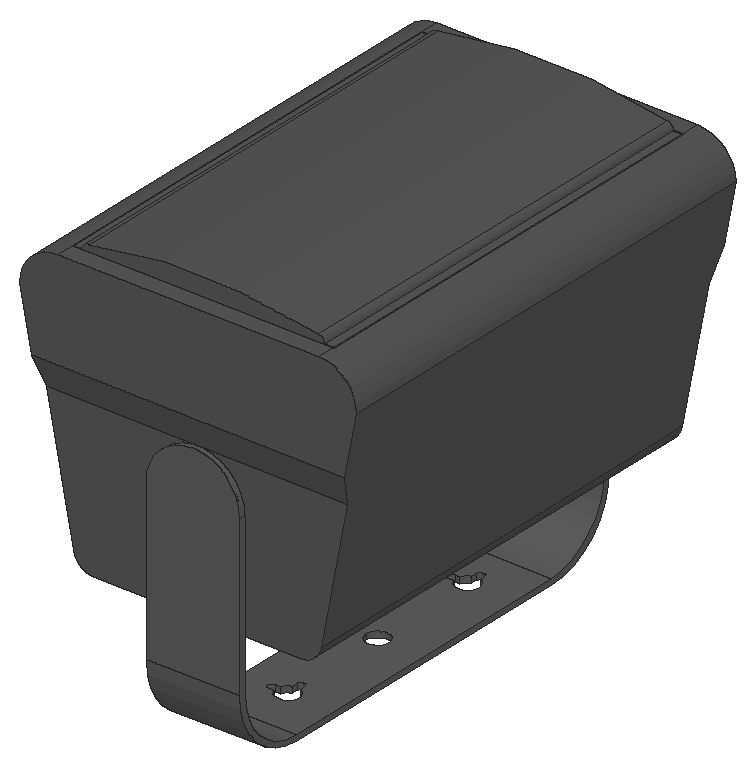
Revit family "Electronics_Commercial-Loudspeakers_Biamp_Passive-Loudspeaker_SDQ5PIR", category Communication Devices, host Face, Revit 2020
Family settings
  Host = Face
  Maintain Annotation Orientation = No
  Round Connector Dimension = Use Diameter
  Part Type = Normal
  OmniClass Number = 23.85.10.11.14.14.14
  Cut with Voids When Loaded = No
  Shared = No
  Room Calculation Point = No
Parameters (values of type "SDQ5PIR B")
  Woofer size in inch = "5.25"  # constant formula
  Woofer cone material = "Polypropylene\r"  # constant formula
  Width = 7.08661"  # constant formula
  Weight = 12.35 lbf  # constant formula
  Vertical dispersion angle 1000 Hz = "180°\r"  # constant formula
  URL = "https://www.biamp.com/"
  Tweeter size in inch = "1"  # constant formula
  SPL 1W/1m in dB = "86"  # constant formula
  Rotate angle (0°) - (-90.00°) [instance] = if(Rotate angle < -90.00°, -90.00°, if(Rotate angle > 0.00°, 0.00°, Rotate angle))  # 0.00°
  Rotate angle (0°) - (90.00°) [instance] = if(Rotate angle < 0.00°, 0.00°, if(Rotate angle > 90.00°, 90.00°, Rotate angle))  # 0.00°
  Rotate angle [instance] = 0.00°
  Product data url = "https://bimobject.com/biamp/product/sdq5pir_commercial-loudspeakers-surface-mount"
  Product Page URL = "https://www.biamp.com/products/product-families/commercial-loudspeakers/surface-mount#sdq5pir"
  Product Documentation Link = "https://downloads.biamp.com/assets/docs/default-source/data-sheets/biamp_data_sheet_sdq5pir_aug20.pdf"
  Nom Rotate angle [instance] = if(Rotate angle > 0.00°, [Rotate angle (0°) - (90.00°)], [Rotate angle (0°) - (-90.00°)])  # 0.00°
  Mounting system = "U-bracket"  # constant formula
  Mounting Material = Biamp - Metal - Black
  Model = "SDQ5PIR B"
  Max SPL 1m in dB = "101"  # constant formula
  Manufacturer = "Biamp"  # constant formula
  Low impedance dynamic power in watts = "2 x 30"  # constant formula
  Low impedance RMS power in watts = "2 x 15"  # constant formula
  Loudspeaker system = "2-way"  # constant formula
  Housing Material = Biamp - Plastic - Black
  Horizontal dispersion angle 1000 Hz = "180°\r"  # constant formula
  Height = 9.96063"  # constant formula
  Grill Material = Biamp - Plastic - Black(Grid)
  Frequency response in Hz = "45-20k"  # constant formula
  Description = "SDQ5PIR-BL Design Loudspeaker Set 5,\" 2 x 30 Watts with RC, Black"
  Depth = 6.37795"  # constant formula
  Default Elevation = 0.00"  # constant formula
  Connector Description = "Euroblock 2 pole; Speaker input"  # constant formula
Types (3): name | Mounting Material | Model | Housing Material | Grill Material | Description
  (no name) | Biamp - Metal - Black | "SDQ5PIR B" | Biamp - Plastic - Black | Biamp - Plastic - Black(Grid) | "SDQ5PIR-BL Design Loudspeaker Set 5,\" 2 x 30 Watts with RC, Black"
  SDQ5PIR B | Biamp - Metal - Black | "SDQ5PIR B" | Biamp - Plastic - Black | Biamp - Plastic - Black(Grid) | "SDQ5PIR-BL Design Loudspeaker Set 5,\" 2 x 30 Watts with RC, Black"
  SDQ5PIR W | Biamp - Metal - White | "SDQ5PIR W" | Biamp - Plastic - White | Biamp - Plastic - White(Grid) | "SDQ5PIR-BL Design Loudspeaker Set 5,\" 2 x 30 Watts with RC, White"
Reference planes (in)
  plane 1 "Center (Front/Back)": y = 0
  plane 2: z = 0
  plane 3 "Center (Left/Right)": x = 0
Dimensions and locks (in)
  aligned and locked: plane 2 to host face
  aligned and locked: level to host face
  aligned and locked: plane 3 "Center (Left/Right)" to nested 1
  aligned and locked: plane 1 "Center (Front/Back)" to nested 1
Nested families (in)
  nested 1: "U-Bracket" at (0, 0, 0), Housing Material <- "Mounting Material", type "U-Bracket"
    with Housing Material Biamp - Metal - Black
  nested 2: "SDQ5PIR_Angled_pas" at (0, -4.74104, 4.85651) x (1, 0, 0) z (0, 1, 0), Angle of equipment <- "Nom Rotate angle", Grill Material <- "Grill Material", Housing Material <- "Housing Material", type "SDQ5PIR_Angled_pas"
    with Housing Material Biamp - Plastic - Black, Grill Material Biamp - Plastic - Black(Grid), Angle of equipment 0.00°
Connectors (in)
  electrical at (-0.3937, -0.3937, 2.59148), driven by "Connector Description"
    settings: on nested 2, index 2, voltage 0 V, apparent load 0 VA, apparent load phase1 0 VA, apparent load phase2 0 VA, apparent load phase3 0 VA, power factor 1, load classification "Other", number of poles 1, system type 5, power factor state 1, is connector primary yes, connector utility no, sub classification motor no, connector description "Euroblock 2 pole; Speaker input"
Definition of nested family "U-Bracket"
  Parameters (values of type "U-Bracket")
    Housing Material [instance] = none
    Height = 0.00"
    Default Elevation = 0.00"  # constant formula
  Reference planes (in)
    plane 1 "Center (Front/Back)": y = 0
    plane 2: z = 0
    plane 3 "Center (Left/Right)": x = 0
  Forms (in)
    Extrusion 1, solid
      sketch origin (0, 0, 0) x (1, 0, 0) y (0, 1, 0)
        loop
          line (-48, 48) -> (-48, -48) -> (48, -48) -> (48, 48) -> (-48, 48)
      from 0 to -12
    Extrusion 2, solid, material <- "Housing Material"
      sketch origin (0, -8.48975, 21.90793) x (0, 0, -1) y (0, 1, 0)
        loop
          line (16.06717, 13.23079) -> (20.39788, 13.23079)
          arc (20.39788, 13.23079) -> (21.38213, 12.8231) -> (21.78982, 11.83884) r 1.39194
          line (21.78982, 11.83884) -> (21.78982, 5.14066)
          arc (21.78982, 5.14066) -> (21.38213, 4.15641) -> (20.39788, 3.74872) r 1.39194
          line (20.39788, 3.74872) -> (16.06717, 3.74872) -> (16.06717, 3.63061) -> (20.39788, 3.63061)
          arc (20.39788, 3.63061) -> (21.46564, 4.07289) -> (21.90793, 5.14066) r 1.51005
          line (21.90793, 5.14066) -> (21.90793, 11.83884)
          arc (21.90793, 11.83884) -> (21.46564, 12.90661) -> (20.39788, 13.3489) r 1.51005
          line (20.39788, 13.3489) -> (16.06717, 13.3489) -> (16.06717, 13.23079)
      from -0.98425 to 0.98425
    Extrusion 3, void
      sketch origin (0, 0, 0) x (1, 0, 0) y (0, 0, 1)
        loop
          arc (-0.98425, 4.85651) -> (0, 5.84076) -> (0.98425, 4.85651) r 0.98425
          line (0.98425, 4.85651) -> (0.98425, 6.03761) -> (-0.98425, 6.03761) -> (-0.98425, 4.85651)
      from 4.74104 to 4.85915
    Extrusion 4, void
      sketch origin (0, 0, 0) x (1, 0, 0) y (0, 0, -1)
        loop
          line (-0.98425, -4.85651) -> (-0.98425, -6.03761) -> (0.98425, -6.03761) -> (0.98425, -4.85651)
          arc (0.98425, -4.85651) -> (0, -5.84076) -> (-0.98425, -4.85651) r 0.98425
      from 4.74104 to 4.85915
    Extrusion 5, void
      sketch origin (0, 0, 0) x (1, 0, 0) y (0, 1, 0)
        loop
          circle (0, 0) r 0.24606
        loop
          arc (-0.08661, 2.59252) -> (-0.17399, 2.5362) -> (-0.23031, 2.44882) r 0.24606
          line (-0.23031, 2.44882) -> (-0.33713, 2.44882)
          arc (-0.33713, 2.44882) -> (-0.42375, 2.3622) -> (-0.33713, 2.27559) r 0.08661
          line (-0.33713, 2.27559) -> (-0.23031, 2.27559)
          arc (-0.23031, 2.27559) -> (0.17399, 2.18821) -> (0.08661, 2.59252) r 0.24606
          line (0.08661, 2.59252) -> (0.08661, 2.69934)
          arc (0.08661, 2.69934) -> (0, 2.78595) -> (-0.08661, 2.69934) r 0.08661
          line (-0.08661, 2.69934) -> (-0.08661, 2.59252)
        loop
          arc (-0.08661, -2.13189) -> (-0.17399, -2.18821) -> (-0.23031, -2.27559) r 0.24606
          line (-0.23031, -2.27559) -> (-0.33713, -2.27559)
          arc (-0.33713, -2.27559) -> (-0.42375, -2.3622) -> (-0.33713, -2.44882) r 0.08661
          line (-0.33713, -2.44882) -> (-0.23031, -2.44882)
          arc (-0.23031, -2.44882) -> (0.17399, -2.5362) -> (0.08661, -2.13189) r 0.24606
          line (0.08661, -2.13189) -> (0.08661, -2.02507)
          arc (0.08661, -2.02507) -> (0, -1.93846) -> (-0.08661, -2.02507) r 0.08661
          line (-0.08661, -2.02507) -> (-0.08661, -2.13189)
      from 0 to 0.11811
  Cuts and joins
    Extrusion 3, Extrusion 4, Extrusion 5 cuts Extrusion 2
  Lines and regions (in)
    Masking region 1
      outline origin (0, 0, 0) x (1, 0, 0) y (0, 1, 0)
        loop
          line (0.98425, 4.85915) -> (-0.98425, 4.85915) -> (-0.98425, -4.85915) -> (0.98425, -4.85915) -> (0.98425, 4.85915)
        loop
          line (0.08661, 2.59252) -> (0.08661, 2.69934)
          arc (0.08661, 2.69934) -> (0, 2.78595) -> (-0.08661, 2.69934) r 0.08661
          line (-0.08661, 2.69934) -> (-0.08661, 2.59252)
          arc (-0.08661, 2.59252) -> (-0.17399, 2.5362) -> (-0.23031, 2.44882) r 0.24606
          line (-0.23031, 2.44882) -> (-0.33713, 2.44882)
          arc (-0.33713, 2.44882) -> (-0.42375, 2.3622) -> (-0.33713, 2.27559) r 0.08661
          line (-0.33713, 2.27559) -> (-0.23031, 2.27559)
          arc (-0.23031, 2.27559) -> (0.17399, 2.18821) -> (0.08661, 2.59252) r 0.24606
        loop
          circle (0, 0) r 0.24606
        loop
          line (0.08661, -2.13189) -> (0.08661, -2.02507)
          arc (0.08661, -2.02507) -> (0, -1.93846) -> (-0.08661, -2.02507) r 0.08661
          line (-0.08661, -2.02507) -> (-0.08661, -2.13189)
          arc (-0.08661, -2.13189) -> (-0.17399, -2.18821) -> (-0.23031, -2.27559) r 0.24606
          line (-0.23031, -2.27559) -> (-0.33713, -2.27559)
          arc (-0.33713, -2.27559) -> (-0.42375, -2.3622) -> (-0.33713, -2.44882) r 0.08661
          line (-0.33713, -2.44882) -> (-0.23031, -2.44882)
          arc (-0.23031, -2.44882) -> (0.17399, -2.5362) -> (0.08661, -2.13189) r 0.24606
    Masking region 2
      outline origin (0, 0, 0) x (1, 0, 0) y (0, 0, 1)
        loop
          arc (0, 5.84076) -> (-0.69597, 5.55248) -> (-0.98425, 4.85651) r 0.98425
          line (-0.98425, 4.85651) -> (-0.98425, 0) -> (0.98425, 0) -> (0.98425, 4.85651)
          arc (0.98425, 4.85651) -> (0.69597, 5.55248) -> (0, 5.84076) r 0.98425
    Masking region 3
      outline origin (0, 0, 0) x (0, 1, 0) y (0, 0, 1)
        loop
          line (-4.74104, 1.51005) -> (-4.74104, 5.84076) -> (-4.85915, 5.84076) -> (-4.85915, 1.51005)
          arc (-4.85915, 1.51005) -> (-4.41686, 0.44228) -> (-3.34909, 0) r 1.51005
          line (-3.34909, 0) -> (3.34909, 0)
          arc (3.34909, 0) -> (4.41686, 0.44228) -> (4.85915, 1.51005) r 1.51005
          line (4.85915, 1.51005) -> (4.85915, 5.84076) -> (4.74104, 5.84076) -> (4.74104, 1.51005)
          arc (4.74104, 1.51005) -> (4.33335, 0.5258) -> (3.34909, 0.11811) r 1.39194
          line (3.34909, 0.11811) -> (-3.34909, 0.11811)
          arc (-3.34909, 0.11811) -> (-4.33335, 0.5258) -> (-4.74104, 1.51005) r 1.39194
    symbolic lines
      curve 1: line (-0.98425, 4.74104, 0) -> (0.98425, 4.74104, 0)
      curve 2: line (-0.98425, -4.74104, 0) -> (0.98425, -4.74104, 0)
  Dimensions and locks (in)
    aligned and locked: plane 2 to Extrusion 1
    aligned and locked: level to Extrusion 1
Definition of nested family "SDQ5PIR_Angled_pas"
  Parameters (values of type "SDQ5PIR_Angled_pas")
    Housing Material [instance] = none
    Grill Material [instance] = none
    Default Elevation = 0.00"
    Angle of equipment [instance] = 0.00°
  Reference planes (in)
    plane 1 "Center (Front/Back)": y = 0
    plane 2: z = 0
    plane 3 "Center (Left/Right)": x = 0
  Forms (in)
    Extrusion 1, solid
      sketch origin (0, 0, 0) x (1, 0, 0) y (0, 1, 0)
        loop
          line (-48, 48) -> (-48, -48) -> (48, -48) -> (48, 48) -> (-48, 48)
      from 0 to -12
  Lines and regions (in)
    reference lines
      curve 1: line (0, -8.46947, 0) -> (0, 0, 0)
      curve 2: line (0, -11.5, 0) -> (0, 0, 0)
  Dimensions and locks (in)
    "Angle of equipment": angle curve 1 to curve 2
    aligned and locked: plane 2 to Extrusion 1
    aligned and locked: level to Extrusion 1
    aligned and locked: plane 1 "Center (Front/Back)" to curve 1
    aligned and locked: plane 3 "Center (Left/Right)" to curve 1
    aligned and locked: plane 1 "Center (Front/Back)" to curve 2
    aligned and locked: plane 3 "Center (Left/Right)" to curve 2
    aligned and locked: curve 2 to nested 1
  Automatic sketch dimensions
    Extrusion 1 sketch curve to Extrusion 1 sketch curve = 96.00"  (x2)
    plane 1 "Center (Front/Back)" to curve 1 = 8.46947"
  Nested families (in)
    nested 1: "SDQ5PIR_pas" at (0, 0.46325, 0), Grill Material <- "Grill Material", Housing Material <- "Housing Material", type "SDQ5PIR_pas"
      with Housing Material none, Grill Material none
  Definition of nested family "SDQ5PIR_pas"
    Parameters (values of type "SDQ5PIR_pas")
      Housing Material [instance] = none
      Grill Material [instance] = none
      Default Elevation = 0.00"  # constant formula
    Reference planes (in)
      plane 1 "Center (Front/Back)": y = 0
      plane 2: z = 0
      plane 3 "Center (Left/Right)": x = 0
    Forms (in)
      Extrusion 1, solid
        sketch origin (0, 0, 0) x (1, 0, 0) y (0, 1, 0)
          loop
            line (-48, 48) -> (-48, -48) -> (48, -48) -> (48, 48) -> (-48, 48)
        from 0 to -12
      Extrusion 2, solid, material <- "Housing Material", detail levels medium+fine
        sketch origin (0, 1.80178, 4.74104) x (0, -1, 0) y (1, 0, 0)
          loop
            arc (5.18701, -3.54331) -> (5.75074, -3.3098) -> (5.98425, -2.74606) r 0.79724
            line (5.98425, -2.74606) -> (5.98425, 2.74606)
            arc (5.98425, 2.74606) -> (5.75074, 3.3098) -> (5.18701, 3.54331) r 0.79724
            line (5.18701, 3.54331) -> (0.35429, 2.61401)
            arc (0.35429, 2.61401) -> (0.10215, 2.46583) -> (0, 2.19179) r 0.43682
            line (0, 2.19179) -> (0, -2.19179)
            arc (0, -2.19179) -> (0.10215, -2.46583) -> (0.35429, -2.61401) r 0.43682
            line (0.35429, -2.61401) -> (5.18701, -3.54331)
        from -4.98031 to 4.98031
      Extrusion 3, solid, material <- "Grill Material", detail levels medium+fine
        sketch origin (0, 1.80178, 4.74104) x (0, -1, 0) y (1, 0, 0)
          loop
            line (5.98425, -2.74606) -> (5.98425, -2.54921)
            arc (5.98425, -2.54921) -> (6.08268, -2.50844) -> (6.12345, -2.41002) r 0.13919
            arc (6.12345, -2.41002) -> (6.37795, 0) -> (6.12345, 2.41002) r 11.53794
            arc (6.12345, 2.41002) -> (6.08268, 2.50844) -> (5.98425, 2.54921) r 0.13919
            line (5.98425, 2.54921) -> (5.98425, 2.74606) -> (5.59055, 2.74606) -> (5.59055, -2.74606) -> (5.98425, -2.74606)
        from -4.58661 to 4.58661
      Extrusion 4, void
        sketch origin (0, 1.80178, 4.74104) x (0, -1, 0) y (1, 0, 0)
          loop
            line (5.98425, -2.74606) -> (5.98425, 2.74606) -> (5.59055, 2.74606) -> (5.59055, -2.74606) -> (5.98425, -2.74606)
        from -4.58661 to 4.58661
      Extrusion 5, void
        sketch origin (0, 1.80178, 4.74104) x (1, 0, 0) y (0, 0, 1)
          loop
            line (-1.76181, 4.19291) -> (-1.76181, 3.60236) -> (-0.18701, 3.60236) -> (-0.18701, 4.19291) -> (-1.76181, 4.19291)
          loop
            line (1.76181, 4.19291) -> (0.18701, 4.19291) -> (0.18701, 3.60236) -> (1.76181, 3.60236) -> (1.76181, 4.19291)
          loop
            line (1.76181, 3.40551) -> (1.17126, 3.40551) -> (1.17126, -4.19291) -> (1.76181, -4.19291) -> (1.76181, 3.40551)
          loop
            line (-1.76181, -4.19291) -> (0.77756, -4.19291) -> (0.77756, 3.40551) -> (-1.76181, 3.40551) -> (-1.76181, -4.19291)
          loop
            line (1.01378, 3.40551) -> (0.93504, 3.40551) -> (0.93504, -4.19291) -> (1.01378, -4.19291) -> (1.01378, 3.40551)
          loop
            line (1.13189, 3.40551) -> (1.05315, 3.40551) -> (1.05315, -4.19291) -> (1.13189, -4.19291) -> (1.13189, 3.40551)
          loop
            line (0.81693, 3.40551) -> (0.81693, -4.19291) -> (0.89567, -4.19291) -> (0.89567, 3.40551) -> (0.81693, 3.40551)
        from 0 to 0.19685
      Extrusion 6, solid, detail levels medium+fine
        sketch origin (0.7306, 1.80178, 8.43045) x (1, 0, 0) y (0, 0, 1)
          loop
            line (-0.7306, -3.84689) -> (-1.518, -3.84689) -> (-1.518, -4.31933) -> (-0.7306, -4.31933) -> (-0.7306, -3.84689)
          loop
            line (-0.92745, -3.92563) -> (-0.92745, -4.04374) -> (-0.80934, -4.04374) -> (-0.80934, -3.92563) -> (-0.92745, -3.92563)
          loop
            line (-0.92745, -4.12248) -> (-0.92745, -4.24059) -> (-0.80934, -4.24059) -> (-0.80934, -4.12248) -> (-0.92745, -4.12248)
        from 0 to 0.19685
      Extrusion 7, void
        sketch origin (0, 1.80178, 4.74104) x (0, 0, 1) y (0, -1, 0)
          loop
            line (4.98031, 3.90669) -> (4.74104, 3.24928) -> (4.74104, 0) -> (4.98031, 0) -> (4.98031, 3.90669)
          loop
            line (-4.98031, 3.90669) -> (-4.98031, 0) -> (-4.74104, 0) -> (-4.74104, 3.24928) -> (-4.98031, 3.90669)
        from -4.57046 to 3.64656
      Extrusion 8, solid, material <- "Housing Material", detail levels coarse
        sketch origin (0, 0, 0) x (1, 0, 0) y (0, 1, 0)
          loop
            line (-3.1707, -1.4475) -> (-3.54331, -3.38522)
            arc (-3.54331, -3.38522) -> (-3.3098, -3.94896) -> (-2.74606, -4.18247) r 0.79724
            line (-2.74606, -4.18247) -> (-2.54921, -4.18247)
            arc (-2.54921, -4.18247) -> (-2.50844, -4.28089) -> (-2.41002, -4.32166) r 0.13919
            arc (-2.41002, -4.32166) -> (0, -4.57617) -> (2.41002, -4.32166) r 11.53794
            arc (2.41002, -4.32166) -> (2.50844, -4.28089) -> (2.54921, -4.18247) r 0.13919
            line (2.54921, -4.18247) -> (2.74606, -4.18247)
            arc (2.74606, -4.18247) -> (3.3098, -3.94896) -> (3.54331, -3.38522) r 0.79724
            line (3.54331, -3.38522) -> (3.1707, -1.4475) -> (-3.1707, -1.4475)
        from -0.23928 to 9.72135
      Extrusion 9, solid, material <- "Housing Material", detail levels coarse
        sketch origin (0, 0, 0) x (1, 0, 0) y (0, 1, 0)
          loop
            line (-2.61401, 1.4475) -> (-3.1707, -1.4475) -> (3.1707, -1.4475) -> (2.61401, 1.4475)
            arc (2.61401, 1.4475) -> (2.46583, 1.69964) -> (2.19179, 1.80178) r 0.43682
            line (2.19179, 1.80178) -> (-2.19179, 1.80178)
            arc (-2.19179, 1.80178) -> (-2.46583, 1.69964) -> (-2.61401, 1.4475) r 0.43682
        from 0 to 9.48207
    Cuts and joins
      Extrusion 4, Extrusion 5, Extrusion 7 cuts Extrusion 2
    Lines and regions (in)
      Masking region 1
        outline origin (0, 0, 0) x (1, 0, 0) y (0, 1, 0)
          loop
            line (-2.61401, 1.4475) -> (-3.54331, -3.38522)
            arc (-3.54331, -3.38522) -> (-3.3098, -3.94896) -> (-2.74606, -4.18247) r 0.79724
            line (-2.74606, -4.18247) -> (-2.54921, -4.18247)
            arc (-2.54921, -4.18247) -> (-2.50844, -4.28089) -> (-2.41002, -4.32166) r 0.13919
            arc (-2.41002, -4.32166) -> (0, -4.57617) -> (2.41002, -4.32166) r 11.53794
            arc (2.41002, -4.32166) -> (2.50844, -4.28089) -> (2.54921, -4.18247) r 0.13919
            line (2.54921, -4.18247) -> (2.74606, -4.18247)
            arc (2.74606, -4.18247) -> (3.3098, -3.94896) -> (3.54331, -3.38522) r 0.79724
            line (3.54331, -3.38522) -> (2.61401, 1.4475)
            arc (2.61401, 1.4475) -> (2.46583, 1.69964) -> (2.19179, 1.80178) r 0.43682
            line (2.19179, 1.80178) -> (-2.19179, 1.80178)
            arc (-2.19179, 1.80178) -> (-2.46583, 1.69964) -> (-2.61401, 1.4475) r 0.43682
      Masking region 2
        outline origin (0, 0, 0) x (0, 1, 0) y (0, 0, 1)
          loop
            line (-2.10491, 9.72135) -> (-4.18247, 9.72135) -> (-4.18247, 9.32765) -> (-4.57617, 9.32765) -> (-4.57617, 0.15442) -> (-4.18247, 0.15442) -> (-4.18247, -0.23928) -> (-2.10491, -0.23928) -> (-1.4475, 0) -> (1.80178, 0) -> (1.80178, 9.48207) -> (-1.4475, 9.48207) -> (-2.10491, 9.72135)
      Masking region 3
        outline origin (0, 0, 0) x (1, 0, 0) y (0, 0, 1)
          loop
            line (-3.54331, 9.72135) -> (-3.54331, -0.23928) -> (3.54331, -0.23928) -> (3.54331, 0.15442) -> (3.54331, 9.32765) -> (3.54331, 9.72135) -> (-3.54331, 9.72135)
      symbolic lines
        curve 1: line (-3.1707, -1.4475, 0) -> (3.1707, -1.4475, 0)
        curve 2: line (3.29711, -2.10491, 0) -> (-3.29711, -2.10491, 0)
        curve 3: line (-2.74606, -4.18247, 0) -> (2.74606, -4.18247, 0)
        curve 4: line (0, -4.18247, 9.32765) -> (0, -4.18247, 0.15442)
        curve 5: line (0, -3.38522, 9.72135) -> (0, -3.38522, -0.23928)
        curve 6: line (0, -4.32166, 9.32765) -> (0, -4.32166, 0.15442)
        curve 7: line (-2.74606, 0, 9.32765) -> (2.74606, 0, 9.32765)
        curve 8: line (-2.74606, 0, 0.15442) -> (-2.74606, 0, 9.32765)
        curve 9: line (2.74606, 0, 0.15442) -> (-2.74606, 0, 0.15442)
        curve 10: line (2.74606, 0, 9.32765) -> (2.74606, 0, 0.15442)
        curve 11: line (-2.41002, 0, 9.32765) -> (-2.41002, 0, 0.15442)
        curve 12: line (-2.54921, 0, 9.32765) -> (-2.54921, 0, 0.15442)
        curve 13: line (2.54921, 0, 9.32765) -> (2.54921, 0, 0.15442)
        curve 14: line (2.41002, 0, 9.32765) -> (2.41002, 0, 0.15442)
    Dimensions and locks (in)
      aligned and locked: plane 2 to Extrusion 1
      aligned and locked: level to Extrusion 1
